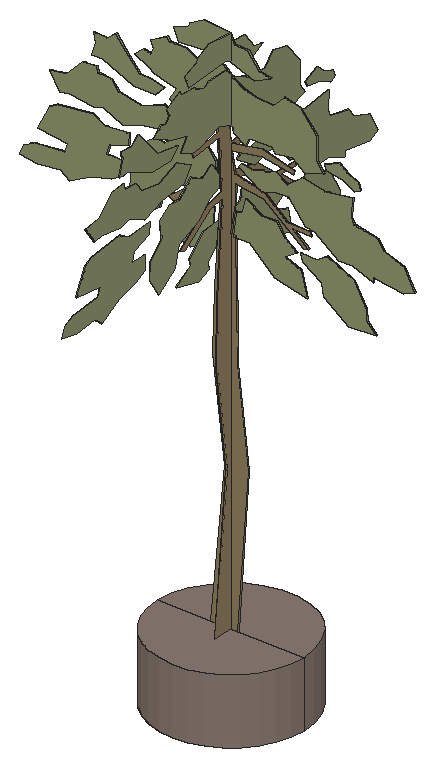
Revit family "L-PLT_소나무", category 수목, Revit 2019
Family settings
  OmniClass 번호 = 23.40.05.00
  OmniClass 제목 = Plants and Planting Products
  작업 기준면 기반 = 아니오
  항상 수직 = 예
  로드될 때 보이드를 사용하여 절단 = 아니오
  렌더 모양 소스 = 패밀리 형상
  공유 = 아니오
Parameters (values of type "소나무 6.0H X 3W X 30R")
  한국산업규격KS = ""
  콘 높이 = 뿌리분 직경 / 4  # 272.5 mm
  조달청표준공사코드-세부공종 = "1016159920281500"
  뿌리분 직경 = (24 mm + ((R / 10) - 3 mm) * 5) * 10  # 1090 mm
  뿌리분 높이 = 뿌리분 직경 / 2  # 545 mm
  높이 = 6000 mm
  건설정보분류체계-부위분류 = "E985"
  R = 200 mm
  LIM_INFO_주의사항 = "재배포, 재가공, 판매 금지"
  LIM_INFO_제작일 = "2021.12."
  LIM_INFO_버전 = "2022_V01"
  LIM_INFO_PL_학명 = "Pinus densiflora Siebold & Zucc."
  LIM_INFO_PL_품명 = "소나무"
  LIM_INFO_PL_주당인정수량 = 0
  LIM_INFO_PL_수목단위 = "주"
  LIM_INFO_PL_규격 = "6.0H X 3W X 30R"
  LIM_INFO_PL_구분 = "상록교목"
  LIM_INFO_PL_가격 = 0
  LIM_INFO_PL_Qty [instance] = 0
  LIM_INFO_PL_M2당수량 = 0
  KBIMS_식별-버전 = ""
  KBIMS_식별-bSK등록번호 = ""
  KBIMS_보급정보-저작자 = "림인포테크_MMJ"
  KBIMS_보급정보-보급코드 = ""
  H = 높이  # 6000 mm
Types (4, lengths in mm): name | 높이 | LIM_INFO_PL_규격 | H
  소나무 6.0H X 3W X 30R | 6000 | "6.0H X 3W X 30R" | 6000
  소나무 5.0H X 2.5W X 20R | 5000 | "5.0H X 2.5W X 20R" | 5000
  소나무 4.0H X 2W X 15R | 4000 | "4.0H X 2W X 15R" | 4000
  소나무 3.0H X 1.5W X 10R | 3000 | "3.0H X 1.5W X 10R" | 3000
Reference planes
  plane 1 "중심(앞/뒤)": y = 0
  plane 2: z = 0
  plane 3 "중심(왼쪽/오른쪽)": x = 0
  plane 4: x = 482.5
  plane 5: x = -607.5
  plane 6: z = -545
  plane 7: z = -817.5
  plane 8: z = 6000
  plane 9: x = -100
  plane 10: x = 100
Forms (mm)
  Revolve 1, solid, material "흙"
    sketch origin (0, 0, 0) x (1, 0, 0) y (0, 0, 1)
      loop
        line (0, 0) -> (-607.5, 0) -> (-607.5, -545) -> (0, -545) -> (0, 0)
      axis (0, 0) -> (0, -545)
    angle from 0 to 360
  Revolve 2, solid, material "흙"
    sketch origin (0, 0, 0) x (1, 0, 0) y (0, 0, 1)
      loop
        line (0, -545) -> (-607.5, -545) -> (0, -817.5) -> (0, -545)
      axis (0, -545) -> (0, -817.5)
    angle from 0 to 360
Dimensions and locks
  "뿌리분 직경": plane 4 to plane 5
  "뿌리분 높이": plane 6 to level
  "콘 높이": plane 7 to plane 6
  "H": level to plane 8
  "R": plane 9 to plane 10
  aligned and locked: level to plane 2
Automatic sketch dimensions
  Revolve 1 sketch curve to level = 0 mm  (x2)
  Revolve 1 sketch curve to plane 5 = 0 mm
  Revolve 1 sketch curve to plane 3 "중심(왼쪽/오른쪽)" = 0 mm  (x2)
  Revolve 1 sketch curve to plane 6 = 0 mm  (x2)
  Revolve 2 sketch curve to plane 5 = 0 mm
  Revolve 2 sketch curve to plane 3 "중심(왼쪽/오른쪽)" = 0 mm  (x2)
  Revolve 2 sketch curve to plane 7 = 0 mm  (x2)
  Revolve 2 sketch curve to plane 6 = 0 mm  (x2)
Nested families
  nested 1: "소나무형_base" at (0, 0, 0), type "소나무형_base"
Definition of nested family "소나무형_base"
  Parameters (values of type "소나무형_base")
    Height = 6000 mm
  Reference planes
    plane 1 "중심(앞/뒤)": y = 0
    plane 2: z = 0
    plane 3 "중심(왼쪽/오른쪽)": x = 0
  Forms (mm)
    Revolve 1, solid, detail levels coarse
      sketch origin (0, 0, 0) x (1, 0, 0) y (0, 0, 1)
        loop
          line (0, 4515) -> (-301.139, 4357.154) -> (-565.424, 4135.393) -> (-926.6, 3967.681) -> (-1235.038, 3600.99) -> (-1317.291, 3271.089) -> (-1535.25, 2959.812) -> (-1395.975, 2694.101) -> (-75, 2694.101) -> (-75, 2255.09) -> (-75, 0) -> (0, 0) -> (0, 4515)
        axis (0, 4515) -> (0, 0)
      angle from 0 to 360
    Extrusion 2, solid, detail levels fine
      sketch origin (4447.34, 0, 32.292) x (1, 0, 0) y (0, 0, 1)
        loop
          line (-4964.722, 3003.145) -> (-4918.815, 2983.748) -> (-4663.893, 3176.581) -> (-4530.454, 3213.636) -> (-4580.472, 2460.593) -> (-4592.399, 1969.511) -> (-4492.334, 1174.401) -> (-4609.705, -32.292) -> (-4385.42, -32.292) -> (-4298.304, 1196.14) -> (-4390.719, 1960.379) -> (-4401.865, 2905.546) -> (-4442.535, 2913.764) -> (-4404.54, 3151.678) -> (-4403.814, 3293.072) -> (-4173.984, 3264.698) -> (-3838.645, 3007.734) -> (-3795.725, 3017.422) -> (-3927.947, 3123.306) -> (-3774.958, 3117.769) -> (-3783.265, 3150.296) -> (-3977.097, 3155.832) -> (-4164.783, 3312.447) -> (-4412.611, 3362.967) -> (-4439.03, 3526.057) -> (-4176.526, 3574.778) -> (-3927.313, 3528.272) -> (-3915.129, 3560.383) -> (-4185.387, 3626.82) -> (-4447.891, 3581.421) -> (-4468.798, 3736.487) -> (-4565.496, 3770.621) -> (-4568.378, 3716.573) -> (-4837.146, 3673.557) -> (-4829.202, 3641.129) -> (-4564.406, 3681.498) -> (-4539.316, 3259.933) -> (-4686.387, 3219.357) -> (-4964.722, 3003.145)
      from 0 to 5
    Extrusion 3, solid, detail levels fine
      sketch origin (4447.34, 0, 0) x (1, 0, 0) y (0, 0, 1)
        loop
          line (-4783.948, 4387.843) -> (-4795.393, 4357.68) -> (-4921.282, 4309.835) -> (-4876.545, 4215.187) -> (-4509.919, 4242.868) -> (-4242.935, 4148.621) -> (-4111.843, 4209.986) -> (-4202.359, 4225.588) -> (-4303.279, 4352.479) -> (-4414.603, 4356.64) -> (-4450.139, 4429.136) -> (-4668.925, 4449.257) -> (-4783.948, 4387.843)
        loop
          line (-3730.74, 3918.2) -> (-3867.248, 4078.763) -> (-4000.533, 4109.065) -> (-4086.855, 4014.792) -> (-4246.441, 4024.22) -> (-4338.922, 4057.466) -> (-4419.47, 4097.057) -> (-4500.16, 4174.173) -> (-4665.3, 4167.469) -> (-4724.193, 4138.032) -> (-4819.224, 4186.871) -> (-4951.732, 4191.555) -> (-4973.817, 4219.654) -> (-5106.325, 4146.061) -> (-5082.233, 4093.876) -> (-5109.002, 4047.713) -> (-5165.426, 4058.808) -> (-5242.618, 3997.074) -> (-5119.111, 3935.339) -> (-5088.235, 3909.169) -> (-4965.399, 3882.328) -> (-4891.69, 3860.232) -> (-4953.349, 3763.784) -> (-4851.794, 3713.747) -> (-4766.197, 3717.373) -> (-4575.419, 3792.066) -> (-4417.688, 3736.906) -> (-4417.688, 3699.197) -> (-4319.034, 3633.932) -> (-4292.195, 3696.297) -> (-4107.945, 3702.823) -> (-4070.95, 3665.114) -> (-3935.301, 3683.244) -> (-3831.57, 3605.65) -> (-3673.434, 3655.687) -> (-3732.191, 3730.38) -> (-3730.74, 3918.2)
        loop
          line (-3542.607, 3781.009) -> (-3667.737, 3727.245) -> (-3647.427, 3684.202) -> (-3516.632, 3667.959) -> (-3413.459, 3614.357) -> (-3370.403, 3638.722) -> (-3386.65, 3689.887) -> (-3474.477, 3723.376) -> (-3542.607, 3781.009)
        loop
          line (-5399.536, 4093.843) -> (-5468.257, 4036.593) -> (-5580.427, 4042.975) -> (-5568.704, 3964.066) -> (-5597.62, 3862.501) -> (-5505.401, 3866.407) -> (-5250.629, 3753.122) -> (-5066.974, 3756.247) -> (-4994.293, 3830.468) -> (-5109.957, 3854.688) -> (-5200.612, 3862.501) -> (-5291.357, 3963.991) -> (-5399.536, 4093.843)
        loop
          line (-5549.499, 3751.347) -> (-5556.195, 3796.864) -> (-5675.379, 3783.477) -> (-5803.937, 3653.619) -> (-5951.243, 3626.844) -> (-5861.52, 3498.325) -> (-5783.85, 3511.713) -> (-5582.978, 3483.599) -> (-5498.611, 3507.697) -> (-5340.592, 3436.743) -> (-5158.468, 3492.97) -> (-4929.474, 3523.761) -> (-4860.88, 3633.716) -> (-4996.431, 3707.169) -> (-5182.573, 3629.522) -> (-5372.732, 3665.668) -> (-5435.672, 3743.315) -> (-5549.499, 3751.347)
        loop
          line (-4264.436, 3478.703) -> (-4354.151, 3487.935) -> (-4376.58, 3460.238) -> (-4191.873, 3338.895) -> (-4063.897, 3378.464) -> (-3962.308, 3386.377) -> (-3822.458, 3212.278) -> (-3751.214, 3199.088) -> (-3546.717, 3056.643) -> (-3435.893, 3057.962) -> (-3261.74, 2988.058) -> (-3259.101, 3031.583) -> (-3007.108, 2995.972) -> (-2917.393, 3038.178) -> (-3005.789, 3195.131) -> (-3172.025, 3253.165) -> (-3224.799, 3327.025) -> (-3422.699, 3366.593) -> (-3443.809, 3416.713) -> (-3432.001, 3562.815) -> (-3657.541, 3526.184) -> (-3848.845, 3563.115) -> (-3974.182, 3470.789) -> (-4075.771, 3530.141) -> (-4264.436, 3478.703)
        loop
          line (-4320.407, 3240.303) -> (-4345.206, 3141.138) -> (-4396.788, 3115.355) -> (-4420.595, 2923.965) -> (-4290.648, 2922.973) -> (-4084.321, 2735.55) -> (-3809.549, 2679.026) -> (-3857.163, 2873.39) -> (-3997.029, 2922.973) -> (-3895.85, 2990.406) -> (-3992.824, 3059.318) -> (-4062.728, 3164.144) -> (-4185.501, 3161.962) -> (-4320.407, 3240.303)
        loop
          line (-3848.117, 2943.106) -> (-3692.255, 2835.7) -> (-3674.097, 2743.422) -> (-3466.786, 2589.12) -> (-3235.264, 2608.786) -> (-3315.464, 2687.449) -> (-3320.004, 2772.164) -> (-3418.363, 2949.157) -> (-3642.919, 3051.879) -> (-3734.625, 2991.514) -> (-3867.789, 3000.59) -> (-3848.117, 2943.106)
        loop
          line (-4853.494, 3535.446) -> (-4990.308, 3424.354) -> (-5075.847, 3428.492) -> (-5180.702, 3355.392) -> (-5165.526, 3205.054) -> (-5278.658, 3090.577) -> (-5282.797, 2955.411) -> (-5191.739, 2811.97) -> (-5031.698, 2931.964) -> (-4990.308, 3094.715) -> (-4777.84, 3182.986) -> (-4666.088, 3297.464) -> (-4565.372, 3334.703) -> (-4569.511, 3439.526) -> (-4646.772, 3537.452) -> (-4739.21, 3475.386) -> (-4853.494, 3535.446)
        loop
          line (-4579.106, 3093.681) -> (-4728.571, 3075.58) -> (-4876.057, 2935.125) -> (-4856.668, 2878.59) -> (-5005.319, 2784.904) -> (-4775.879, 2726.754) -> (-4670.854, 2767.136) -> (-4680.549, 2831.747) -> (-4598.145, 2906.05) -> (-4579.106, 3093.681)
        loop
          line (-5291.884, 3300.767) -> (-5284.819, 3393.994) -> (-5493.936, 3372.806) -> (-5595.714, 3430.361) -> (-5885.325, 3393.994) -> (-5951.734, 3355.856) -> (-6044.989, 3166.577) -> (-5796.309, 3135.502) -> (-5821.742, 3067.7) -> (-6076.074, 3040.862) -> (-6163.677, 2997.074) -> (-6194.763, 2920.797) -> (-6046.402, 2896.784) -> (-5859.892, 2919.385) -> (-5785.005, 2858.646) -> (-5604.147, 2953.286) -> (-5437.418, 2998.486) -> (-5341.337, 3053.575) -> (-5334.272, 3167.99) -> (-5471.329, 3173.64) -> (-5450.135, 3247.091) -> (-5291.884, 3300.767)
      from 0 to 5
    Extrusion 4, solid, detail levels fine
      sketch origin (-5, 4442.34, 32.292) x (0, 1, 0) y (0, 0, 1)
        loop
          line (-4964.722, 3003.145) -> (-4918.815, 2983.748) -> (-4663.893, 3176.581) -> (-4530.454, 3213.636) -> (-4580.472, 2460.593) -> (-4592.399, 1969.511) -> (-4492.334, 1174.401) -> (-4609.705, -32.292) -> (-4385.42, -32.292) -> (-4298.304, 1196.14) -> (-4390.719, 1960.379) -> (-4401.865, 2905.546) -> (-4442.535, 2913.764) -> (-4404.54, 3151.678) -> (-4403.814, 3293.072) -> (-4173.984, 3264.698) -> (-3838.645, 3007.734) -> (-3795.725, 3017.422) -> (-3927.947, 3123.306) -> (-3774.958, 3117.769) -> (-3783.265, 3150.296) -> (-3977.097, 3155.832) -> (-4164.783, 3312.447) -> (-4412.611, 3362.967) -> (-4439.03, 3526.057) -> (-4176.526, 3574.778) -> (-3927.313, 3528.272) -> (-3915.129, 3560.383) -> (-4185.387, 3626.82) -> (-4447.891, 3581.421) -> (-4468.798, 3736.487) -> (-4565.496, 3770.621) -> (-4568.378, 3716.573) -> (-4837.146, 3673.557) -> (-4829.202, 3641.129) -> (-4564.406, 3681.498) -> (-4539.316, 3259.933) -> (-4686.387, 3219.357) -> (-4964.722, 3003.145)
      from 0 to 5
    Extrusion 5, solid, detail levels fine
      sketch origin (-5, 4442.34, 0) x (0, 1, 0) y (0, 0, 1)
        loop
          line (-4783.948, 4387.843) -> (-4795.393, 4357.68) -> (-4921.282, 4309.835) -> (-4876.545, 4215.187) -> (-4509.919, 4242.868) -> (-4242.935, 4148.621) -> (-4111.843, 4209.986) -> (-4202.359, 4225.588) -> (-4303.279, 4352.479) -> (-4414.603, 4356.64) -> (-4450.139, 4429.136) -> (-4668.925, 4449.257) -> (-4783.948, 4387.843)
        loop
          line (-3730.74, 3918.2) -> (-3867.248, 4078.763) -> (-4000.533, 4109.065) -> (-4086.855, 4014.792) -> (-4246.441, 4024.22) -> (-4338.922, 4057.466) -> (-4419.47, 4097.057) -> (-4500.16, 4174.173) -> (-4665.3, 4167.469) -> (-4724.193, 4138.032) -> (-4819.224, 4186.871) -> (-4951.732, 4191.555) -> (-4973.817, 4219.654) -> (-5106.325, 4146.061) -> (-5082.233, 4093.876) -> (-5109.002, 4047.713) -> (-5165.426, 4058.808) -> (-5242.618, 3997.074) -> (-5119.111, 3935.339) -> (-5088.235, 3909.169) -> (-4965.399, 3882.328) -> (-4891.69, 3860.232) -> (-4953.349, 3763.784) -> (-4851.794, 3713.747) -> (-4766.197, 3717.373) -> (-4575.419, 3792.066) -> (-4417.688, 3736.906) -> (-4417.688, 3699.197) -> (-4319.034, 3633.932) -> (-4292.195, 3696.297) -> (-4107.945, 3702.823) -> (-4070.95, 3665.114) -> (-3935.301, 3683.244) -> (-3831.57, 3605.65) -> (-3673.434, 3655.687) -> (-3732.191, 3730.38) -> (-3730.74, 3918.2)
        loop
          line (-3542.607, 3781.009) -> (-3667.737, 3727.245) -> (-3647.427, 3684.202) -> (-3516.632, 3667.959) -> (-3413.459, 3614.357) -> (-3370.403, 3638.722) -> (-3386.65, 3689.887) -> (-3474.477, 3723.376) -> (-3542.607, 3781.009)
        loop
          line (-5399.536, 4093.843) -> (-5468.257, 4036.593) -> (-5580.427, 4042.975) -> (-5568.704, 3964.066) -> (-5597.62, 3862.501) -> (-5505.401, 3866.407) -> (-5250.629, 3753.122) -> (-5066.974, 3756.247) -> (-4994.293, 3830.468) -> (-5109.957, 3854.688) -> (-5200.612, 3862.501) -> (-5291.357, 3963.991) -> (-5399.536, 4093.843)
        loop
          line (-5549.499, 3751.347) -> (-5556.195, 3796.864) -> (-5675.379, 3783.477) -> (-5803.937, 3653.619) -> (-5951.243, 3626.844) -> (-5861.52, 3498.325) -> (-5783.85, 3511.713) -> (-5582.978, 3483.599) -> (-5498.611, 3507.697) -> (-5340.592, 3436.743) -> (-5158.468, 3492.97) -> (-4929.474, 3523.761) -> (-4860.88, 3633.716) -> (-4996.431, 3707.169) -> (-5182.573, 3629.522) -> (-5372.732, 3665.668) -> (-5435.672, 3743.315) -> (-5549.499, 3751.347)
        loop
          line (-4264.436, 3478.703) -> (-4354.151, 3487.935) -> (-4376.58, 3460.238) -> (-4191.873, 3338.895) -> (-4063.897, 3378.464) -> (-3962.308, 3386.377) -> (-3822.458, 3212.278) -> (-3751.214, 3199.088) -> (-3546.717, 3056.643) -> (-3435.893, 3057.962) -> (-3261.74, 2988.058) -> (-3259.101, 3031.583) -> (-3007.108, 2995.972) -> (-2917.393, 3038.178) -> (-3005.789, 3195.131) -> (-3172.025, 3253.165) -> (-3224.799, 3327.025) -> (-3422.699, 3366.593) -> (-3443.809, 3416.713) -> (-3432.001, 3562.815) -> (-3657.541, 3526.184) -> (-3848.845, 3563.115) -> (-3974.182, 3470.789) -> (-4075.771, 3530.141) -> (-4264.436, 3478.703)
        loop
          line (-4320.407, 3240.303) -> (-4345.206, 3141.138) -> (-4396.788, 3115.355) -> (-4420.595, 2923.965) -> (-4290.648, 2922.973) -> (-4084.321, 2735.55) -> (-3809.549, 2679.026) -> (-3857.163, 2873.39) -> (-3997.029, 2922.973) -> (-3895.85, 2990.406) -> (-3992.824, 3059.318) -> (-4062.728, 3164.144) -> (-4185.501, 3161.962) -> (-4320.407, 3240.303)
        loop
          line (-3848.117, 2943.106) -> (-3692.255, 2835.7) -> (-3674.097, 2743.422) -> (-3466.786, 2589.12) -> (-3235.264, 2608.786) -> (-3315.464, 2687.449) -> (-3320.004, 2772.164) -> (-3418.363, 2949.157) -> (-3642.919, 3051.879) -> (-3734.625, 2991.514) -> (-3867.789, 3000.59) -> (-3848.117, 2943.106)
        loop
          line (-4853.494, 3535.446) -> (-4990.308, 3424.354) -> (-5075.847, 3428.492) -> (-5180.702, 3355.392) -> (-5165.526, 3205.054) -> (-5278.658, 3090.577) -> (-5282.797, 2955.411) -> (-5191.739, 2811.97) -> (-5031.698, 2931.964) -> (-4990.308, 3094.715) -> (-4777.84, 3182.986) -> (-4666.088, 3297.464) -> (-4565.372, 3334.703) -> (-4569.511, 3439.526) -> (-4646.772, 3537.452) -> (-4739.21, 3475.386) -> (-4853.494, 3535.446)
        loop
          line (-4579.106, 3093.681) -> (-4728.571, 3075.58) -> (-4876.057, 2935.125) -> (-4856.668, 2878.59) -> (-5005.319, 2784.904) -> (-4775.879, 2726.754) -> (-4670.854, 2767.136) -> (-4680.549, 2831.747) -> (-4598.145, 2906.05) -> (-4579.106, 3093.681)
        loop
          line (-5291.884, 3300.767) -> (-5284.819, 3393.994) -> (-5493.936, 3372.806) -> (-5595.714, 3430.361) -> (-5885.325, 3393.994) -> (-5951.734, 3355.856) -> (-6044.989, 3166.577) -> (-5796.309, 3135.502) -> (-5821.742, 3067.7) -> (-6076.074, 3040.862) -> (-6163.677, 2997.074) -> (-6194.763, 2920.797) -> (-6046.402, 2896.784) -> (-5859.892, 2919.385) -> (-5785.005, 2858.646) -> (-5604.147, 2953.286) -> (-5437.418, 2998.486) -> (-5341.337, 3053.575) -> (-5334.272, 3167.99) -> (-5471.329, 3173.64) -> (-5450.135, 3247.091) -> (-5291.884, 3300.767)
      from 0 to 5
  Lines and regions (mm)
    symbolic lines
      curve 1: arc (657.683, -1388.909, 0) -> (394.022, -1344.077, 0) -> (196.297, -1524.166, 0) r 305.167
      curve 2: arc (284.303, 1510.227, 0) -> (471.258, 1318.981, 0) -> (737.074, 1348.457, 0) r 305.167
      curve 3: arc (-737.074, -1348.457, 0) -> (-855.78, -1108.799, 0) -> (-1117.695, -1054.69, 0) r 305.167
      curve 4: arc (-1117.695, -1054.69, 0) -> (-1156.533, -790.08, 0) -> (-1388.909, -657.683, 0) r 305.167
      curve 5: arc (196.297, -1524.166, 0) -> (-40.605, -1400.052, 0) -> (-284.303, -1510.227, 0) r 305.167
      curve 6: arc (-284.303, -1510.227, 0) -> (-471.258, -1318.981, 0) -> (-737.074, -1348.457, 0) r 305.167
      curve 7: arc (-1524.166, -196.297, 0) -> (-1400.052, 40.605, 0) -> (-1510.227, 284.303, 0) r 305.167
      curve 8: arc (-1510.227, 284.303, 0) -> (-1318.981, 471.258, 0) -> (-1348.457, 737.074, 0) r 305.167
      curve 9: arc (-1348.457, 737.074, 0) -> (-1108.799, 855.78, 0) -> (-1054.69, 1117.695, 0) r 305.167
      curve 10: arc (-1054.69, 1117.695, 0) -> (-790.08, 1156.533, 0) -> (-657.683, 1388.909, 0) r 305.167
      curve 11: arc (-657.683, 1388.909, 0) -> (-394.022, 1344.077, 0) -> (-196.297, 1524.166, 0) r 305.167
      curve 12: arc (-196.297, 1524.166, 0) -> (40.605, 1400.052, 0) -> (284.303, 1510.227, 0) r 305.167
      curve 13: arc (-1388.909, -657.683, 0) -> (-1344.077, -394.022, 0) -> (-1524.166, -196.297, 0) r 305.167
      curve 14: line (1054.69, -1117.695, 0) -> (0, 0, 0)
      curve 15: line (0, 0, 0) -> (657.683, -1388.909, 0)
      curve 16: line (1510.227, -284.303, 0) -> (0, 0, 0)
      curve 17: line (0, 0, 0) -> (1524.166, 196.297, 0)
      curve 18: line (1388.909, 657.683, 0) -> (0, 0, 0)
      curve 19: line (0, 0, 0) -> (1348.457, -737.074, 0)
      curve 20: line (737.074, 1348.457, 0) -> (0, 0, 0)
      curve 21: line (0, 0, 0) -> (1117.695, 1054.69, 0)
      curve 22: line (-737.074, -1348.457, 0) -> (0, 0, 0)
      curve 23: line (0, 0, 0) -> (-1117.695, -1054.69, 0)
      curve 24: line (196.297, -1524.166, 0) -> (0, 0, 0)
      curve 25: line (0, 0, 0) -> (-284.303, -1510.227, 0)
      curve 26: line (-1388.909, -657.683, 0) -> (0, 0, 0)
      curve 27: line (0, 0, 0) -> (-1524.166, -196.297, 0)
      curve 28: line (-1054.69, 1117.695, 0) -> (0, 0, 0)
      curve 29: line (0, 0, 0) -> (-1510.227, 284.303, 0)
      curve 30: line (-196.297, 1524.166, 0) -> (0, 0, 0)
      curve 31: line (0, 0, 0) -> (-1348.457, 737.074, 0)
      curve 32: line (284.303, 1510.227, 0) -> (0, 0, 0)
      curve 33: line (0, 0, 0) -> (-657.683, 1388.909, 0)
      curve 34: arc (1348.457, -737.074, 0) -> (1108.799, -855.78, 0) -> (1054.69, -1117.695, 0) r 305.167
      curve 35: arc (1054.69, -1117.695, 0) -> (790.08, -1156.533, 0) -> (657.683, -1388.909, 0) r 305.167
      curve 36: arc (737.074, 1348.457, 0) -> (855.78, 1108.799, 0) -> (1117.695, 1054.69, 0) r 305.167
      curve 37: arc (1117.695, 1054.69, 0) -> (1156.533, 790.08, 0) -> (1388.909, 657.683, 0) r 305.167
      curve 38: arc (1388.909, 657.683, 0) -> (1344.077, 394.022, 0) -> (1524.166, 196.297, 0) r 305.167
      curve 39: arc (1524.166, 196.297, 0) -> (1400.052, -40.605, 0) -> (1510.227, -284.303, 0) r 305.167
      curve 40: arc (1510.227, -284.303, 0) -> (1318.981, -471.258, 0) -> (1348.457, -737.074, 0) r 305.167
  Dimensions and locks
    aligned and locked: level to plane 2
